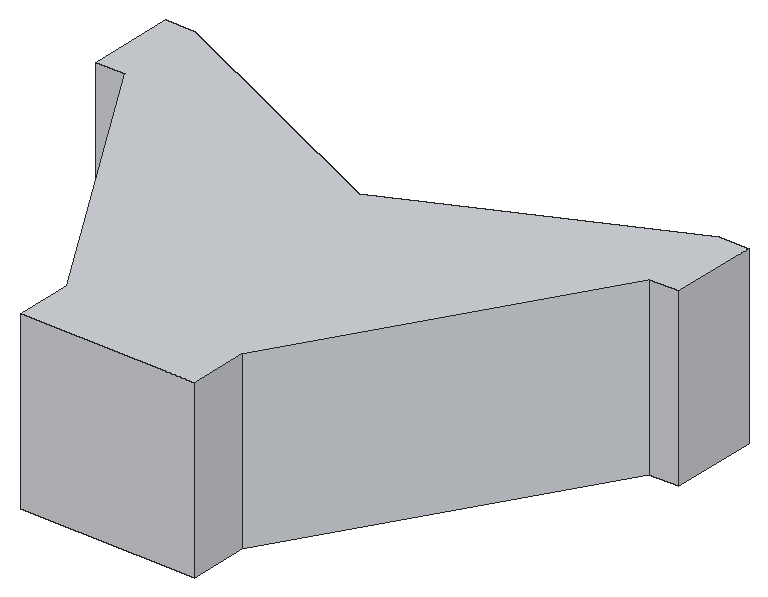
Revit family "M_Rectangular Vee - Tapered", category Duct Fittings, Revit 2014
Parameters (values of type "Standard")
  Length 3 [instance] = abs(Length 1) + (Duct Length 2 + Duct Width 2 / 2)  # 675 mm
  Length 2 [instance] = abs(Length 1) + (Duct Length 6 + Duct Width 3 / 2)  # 675 mm
  Length 1 [instance] = ((Duct Length 2 + Duct Width 2 / 2) - (Duct Length 6 + Duct Width 3 / 2)) / 2  # 0 mm
  Length [instance] = if(Length 1 > 0 mm, Length 2, Length 3)  # 675 mm
  Duct Width 3 [instance] = 150 mm
  Duct Width 2 [instance] = 150 mm
  Duct Width 1 [instance] = 300 mm
  Duct Length 8 [instance] = Duct Width 3 / 3  # 50 mm
  Duct Length 7 [instance] = 1.5 * Duct Width 1  # 450 mm
  Duct Length 6 [instance] = 2 * Duct Width 1  # 600 mm
  Duct Length 5 [instance] = 1.8 * Duct Width 1  # 540 mm
  Duct Length 4 [instance] = Duct Width 2 / 3  # 50 mm
  Duct Length 3 [instance] = 1.5 * Duct Width 1  # 450 mm
  Duct Length 2 [instance] = 2 * Duct Width 1  # 600 mm
  Duct Length 1 [instance] = Duct Width 1 / 3  # 100 mm
  Duct Height [instance] = 300 mm
Reference planes
  plane 1 "Old Center (Front/Back)": x = 0
  plane 2: z = 0
  plane 3 "Old Center (Left/Right)": y = -675
  plane 4: x = -150
  plane 5: x = 150
  plane 6: y = -575
  plane 7: y = -75
  plane 8: y = 75
  plane 9: x = -450
  plane 10: x = -500
  plane 11: y = -135
  plane 12: y = -75
  plane 13: y = 75
  plane 14: x = 500
  plane 15: x = 450
  plane 16: z = 150
  plane 17: z = -150
  plane 18: y = 0
  plane 19: y = 0
  plane 20 "Center (Front/Back)": y = 0
  plane 21 "Center (Left/Right)": x = 0
  plane 22: y = 0
Forms (mm)
  Extrusion 1, solid, detail levels medium+fine
    sketch origin (0, -685.8, 0) x (0, 1, 0) y (-1, 0, 0)
      loop
        line (110.8, 150) -> (10.8, 150) -> (10.8, -150) -> (110.8, -150) -> (610.8, -450) -> (610.8, -500) -> (760.8, -500) -> (760.8, -450) -> (550.8, 0) -> (760.8, 450) -> (760.8, 500) -> (610.8, 500) -> (610.8, 450) -> (110.8, 150)
    from -150 to 150
Lines and regions (mm)
  model lines, detail levels coarse
    curve 1: line (-450, 0, 0) -> (0, -575, 0)
    curve 2: line (0, -575, 0) -> (450, 0, 0)
    curve 3: line (-500, 0, 0) -> (-450, 0, 0)
    curve 4: line (450, 0, 0) -> (500, 0, 0)
    curve 5: line (0, -675, 0) -> (0, -575, 0)
Dimensions and locks
  equal spacing: plane 4, plane 1 "Old Center (Front/Back)", plane 5
  "Duct Width 1": plane 4 to plane 5
  "Duct Length 1": plane 3 "Old Center (Left/Right)" to plane 6
  "Duct Length 2": plane 3 "Old Center (Left/Right)" to plane 7
  "Duct Width 2": plane 7 to plane 8
  "Duct Length 3": plane 1 "Old Center (Front/Back)" to plane 9
  "Duct Length 4": plane 10 to plane 9
  "Duct Length 5": plane 3 "Old Center (Left/Right)" to plane 11
  "Duct Length 6": plane 3 "Old Center (Left/Right)" to plane 12
  "Duct Width 3": plane 12 to plane 13
  "Duct Length 8": plane 15 to plane 14
  equal spacing: plane 16, plane 2, plane 17
  "Duct Height": plane 16 to plane 17
  equal spacing: plane 7, plane 18, plane 8
  equal spacing: plane 12, plane 19, plane 13
  "Duct Length 7": plane 1 "Old Center (Front/Back)" to plane 15
  "Length": plane 22 to plane 3 "Old Center (Left/Right)"
  aligned and locked: plane 7 to Extrusion 1 sketch curve
  aligned and locked: plane 9 to Extrusion 1 sketch curve  (x2)
  aligned and locked: plane 6 to Extrusion 1 sketch curve  (x2)
  aligned and locked: plane 4 to Extrusion 1 sketch curve
  aligned and locked: plane 5 to Extrusion 1 sketch curve
  aligned and locked: plane 15 to Extrusion 1 sketch curve  (x2)
  aligned and locked: plane 1 "Old Center (Front/Back)" to Extrusion 1 sketch curve
  aligned and locked: plane 11 to Extrusion 1 sketch curve
  aligned and locked: plane 8 to Extrusion 1 sketch curve
  aligned and locked: plane 3 "Old Center (Left/Right)" to Extrusion 1 sketch curve  (x2)
  aligned and locked: Extrusion 1 sketch curve to plane 4
  aligned and locked: Extrusion 1 sketch curve to plane 5
  aligned and locked: Extrusion 1 sketch curve to plane 12
  aligned and locked: plane 12 to Extrusion 1 sketch curve
  aligned and locked: plane 13 to Extrusion 1 sketch curve
  aligned and locked: Extrusion 1 sketch curve to plane 14
  aligned and locked: plane 14 to Extrusion 1 sketch curve
  aligned and locked: Extrusion 1 sketch curve to plane 13
  aligned and locked: Extrusion 1 sketch curve to plane 10
  aligned and locked: Extrusion 1 sketch curve to plane 7
  aligned and locked: plane 10 to Extrusion 1 sketch curve
  aligned and locked: Extrusion 1 sketch curve to plane 8
  aligned and locked: Extrusion 1 to plane 17
  aligned and locked: plane 16 to Extrusion 1
  aligned and locked: curve 2 to plane 15
  aligned and locked: curve 2 to plane 1 "Old Center (Front/Back)"
  aligned and locked: curve 2 to plane 6
  aligned and locked: curve 1 to plane 18
  aligned and locked: curve 3 to plane 9
  aligned and locked: curve 3 to plane 10
  aligned and locked: curve 3 to plane 18
  aligned and locked: curve 4 to plane 14
  aligned and locked: curve 4 to plane 19
  aligned and locked: curve 5 to plane 3 "Old Center (Left/Right)"
  aligned and locked: curve 5 to plane 1 "Old Center (Front/Back)"
  aligned and locked: plane 1 "Old Center (Front/Back)" to plane 21 "Center (Left/Right)"
  aligned and locked: plane 22 to plane 20 "Center (Front/Back)"
Connectors
  hvac at (-500, 0, 0), driven by "Duct Height", driven by "Duct Width 2"
    settings: on Extrusion 1, index 1, duct flow 0.0 L/s, flow factor 0, pres drop 0.0 Pa, loss coef 0, conn angle 0.00°, conn width 150 mm, conn height 300 mm, conn diameter 609.6 mm, duct sys type 28, conn prof type 1, flow config 0, flow direction 0, loss method 0, conn ref index -1, conn util no, is conn primary yes, conn desc ""
  hvac at (500, 0, 0), driven by "Duct Height", driven by "Duct Width 3"
    settings: on Extrusion 1, index 2, duct flow 0.0 L/s, flow factor 0, pres drop 0.0 Pa, loss coef 0, conn angle 0.00°, conn width 150 mm, conn height 300 mm, conn diameter 609.6 mm, duct sys type 28, conn prof type 1, flow config 0, flow direction 0, loss method 0, conn ref index -1, conn util no, is conn primary no, conn desc ""
  hvac at (0, -675, 0), driven by "Duct Height", driven by "Duct Width 1"
    settings: on Extrusion 1, index 3, duct flow 0.0 L/s, flow factor 0, pres drop 0.0 Pa, loss coef 0, conn angle 0.00°, conn width 300 mm, conn height 300 mm, conn diameter 609.6 mm, duct sys type 28, conn prof type 1, flow config 0, flow direction 0, loss method 0, conn ref index -1, conn util no, is conn primary no, conn desc ""
